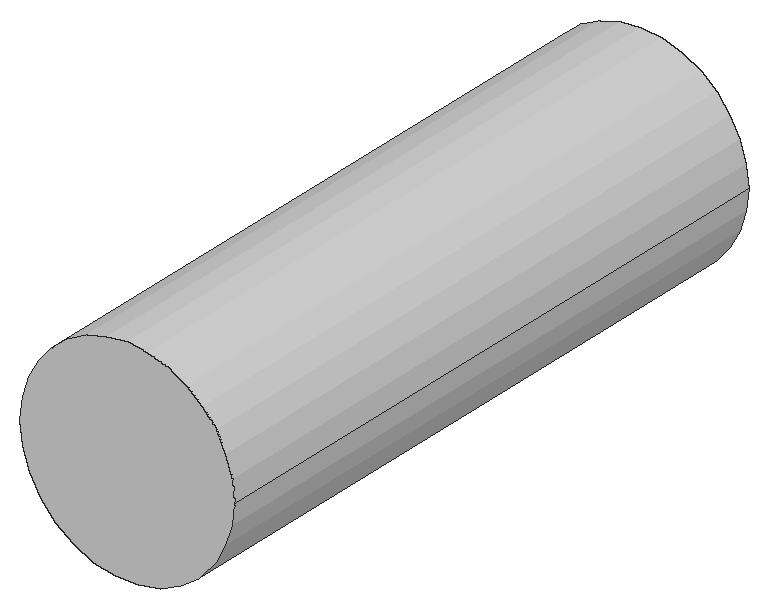
Revit family "HKD HILTI PLUG M16_9850530", category Generic Models, Revit 2018
Family settings
  Can host rebar = No
  Round Connector Dimension = Use Diameter
  Part Type = Normal
  OmniClass Number = 35.51.17.00
  OmniClass Title = SCAFFOLDING SHORING AND FENCING
  Work Plane-Based = Yes
  Always vertical = No
  Cut with Voids When Loaded = No
  Shared = Yes
  Room Calculation Point = No
Parameters
  VERSION = "20170217"  # constant formula
  URL = "www.ulmaconstruction.com/en"
  UNICLASS = ""
  Manufacturer = "ULMA CONSTRUCTION"  # constant formula
  ITEM_WEIGHT = 0.90 kg
  ITEM_CODE = "9850530"
  FILTER [instance] = ""
  Default Elevation = 0.00 mm
  CLASSIFICATION_TITLE = ""
  CLASSIFICATION_NUMBER = ""
Reference planes
  plane 1 "Centro (Frontal/Posterior)": y = 0
  plane 2: z = 0
  plane 3 "Centro (Izquierda/Derecha)": x = 0
Forms (mm)
  Extrusion 1, solid, material "ULMA ZINC", detail levels fine
    sketch origin (0, 0, 0) x (1, 0, 0) y (0, 0, 1)
      loop
        circle (0, 0) r 10
    from -59 to 1
Lines and regions (mm)
  model lines, style "ULMA FIXING ITEMS", detail levels fine
    curve 1: circle (0, -1, -0.019) r 8 normal (0, -1, 0)
  model lines, style "ULMA FIXING ITEMS", detail levels medium
    curve 2: circle (0, -1, -0.019) r 10.002 normal (0, -1, 0)
    curve 3: circle (0, 59, 0) r 10 normal (0, -1, 0)
Dimensions and locks
  locked: Extrusion 1 to plane 1 "Centro (Frontal/Posterior)" at 1
  aligned and locked: level to plane 2
